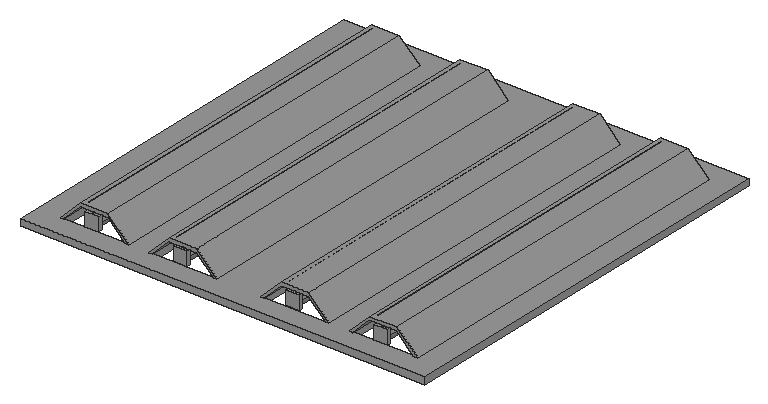
Revit family "ДВО-11 30 Вт 595", category Осветительные приборы, Revit 2019 (continued)
Types (3, lengths in mm): name | Файл фотометрической сетки | built-in parameter 1150142 | built-in parameter 1150134 | built-in parameter 1150107 | Артикул | URL
  ДВО-11-O-30-5K-IP40 | "INNOLUX 14 996 DVO-11-O-30-5K-IP40.ies" | "IESNA:LM-63-1995\r\n[DATA] 27.06.2019\r\n[MANUFAC] INNOLUX\r\n[LUMCAT] 14 996\r\n[LUMINAIRE] DVO-11-O-30-5Ê-IP40\r\n[LAMP] LED 30W 5000K\r\nTILT=NONE\r\n1 3706 3.706 181 9 1 2\r\n0.595 0.595 0.04\r\n1 1 30.0\r\n0 1 2 3 4 5 6 7 8 9 10 11 12 13 14 15 16 17 18 19 20 21 22 23 24 25 26 27 28 29 30 31 32 33 34 35 36 37 38 39 40 41 42 43 44 45 46 47 48 49 50 51 52 53 54 55 56 57 58 59 60 61 62 63 64 65 66 67 68 69 70 71 72 73 74 75 76 77 78 79 80 81 82 83 84 85 86 87 88 89 90 91 92 93 94 95 96 97 98 99 100 101 102 103 104 105 106 107 108 109 110 111 112 113 114 115 116 117 118 119 120 121 122 123 124 125 126 127 128 129 130 131 132 133 134 135 136 137 138 139 140 141 142 143 144 145 146 147 148 149 150 151 152 153 154 155 156 157 158 159 160 161 162 163 164 165 166 167 168 169 170 171 172 173 174 175 176 177 178 179 180 \r\n0 45 90 135 180 225 270 315 360 \r\n510.7 510.7 511 511.2 511.7 512.3 512.8 513.1 513.1 512.7 511.3 508.7 505 499.9 493.3 486 478.7 472.1 466 460.6 455.6 451 446.5 442.2 437.9 433.5 429.1 424.4 419.2 413.7 407.6 401 393.9 386.6 378.9 370.9 362.3 353 343.1 332.3 320.8 308.7 295.7 282.1 267.6 252.5 236.8 220.7 204 187.2 170.2 152.9 135.7 118.3 101.2 84.4 68.2 52.8 38.5 26.1 16.2 9.3 4.9 2.9 2.3 2.1 1.9 1.7 1.6 1.6 1.2 1.1 1.1 1.1 1.1 1.1 1.1 1.1 1.1 0 1.1 1.1 1 1.1 1.1 1.1 1.1 1.1 1.1 1.1 1.1 1.1 1.1 1.2 1.5 1.6 1.6 1.6 1.6 1.6 1.5 1.5 1.6 1.4 1.3 1.5 1.4 1.6 1.6 1.6 1.6 1.6 1.6 1.6 1.6 1.8 1.9 1.9 1.9 1.9 1.9 1.9 1.9 1.9 2.1 2.1 2.1 2.1 2.1 2.1 2.2 2.2 2.4 2.4 2.4 2.4 2.4 2.4 2.4 2.4 2.4 2.5 2.5 2.6 2.6 2.7 2.7 2.7 2.7 2.7 2.7 2.7 2.7 2.8 2.7 2.8 2.9 3.1 3 2.7 2.7 2.7 2.7 2.7 2.7 2.7 1.6 0 0 0 0 0 0 0 0 0 0 0 0 0 0\r\n510.7 510.8 510.5 510.2 508.9 507.9 507 505.7 504.5 503.1 501.3 499.4 497.1 494.3 490.8 486.4 481.7 476.3 470.3 463.6 456.2 448.4 440.8 433.4 426.2 419.4 412.6 405.8 399.3 392.8 386.4 380 373.3 366.7 359.9 353.1 346.1 338.9 331.5 323.8 315.9 307.4 298.7 289.9 280.7 271.2 261.3 251.2 240.6 229.5 218.2 206.6 194.6 182.3 169.8 157.2 144.5 131.8 119 106.4 93.9 81.7 69.7 58.2 47.3 37.3 28.8 21.8 16.7 13.5 11.6 10.4 9.4 8.4 7.4 6.7 5.8 5.1 4.4 3.8 3.3 2.6 2.2 1.9 1.6 1.1 0 0 0 0 0 0 0 0 0 0 0 0 0 0 0 0 1.1 1.1 1.1 1.1 1.1 1.1 1.1 1.1 1.1 1.1 1.2 1.1 1.2 1.6 1.6 1.6 1.6 1.6 1.6 1.6 1.6 1.6 1.6 1.6 1.8 1.9 1.9 1.9 1.9 1.9 1.9 1.9 1.9 1.4 0 0 0 0 0 0 0 0 0 0 0 0 0 0 0 0 0 0 0 0 0 0 0 0 0 0 0 0 0 0 0 0 0 0 0 0 0 0 0 0 0 0 0 0 0\r\n510.7 510.2 509 507.4 505.5 503.5 501.1 498.4 495.5 492.4 489.2 485.6 482 478.1 474.1 469.9 465.6 461.1 456.5 451.5 446.6 441.4 435.9 430.4 424.7 418.7 412.5 406.1 399.4 392.6 385.6 378.5 371.3 363.8 356.4 348.8 341.2 333.3 325.5 317.6 309.6 301.5 293.5 285.2 277 268.7 260.3 251.9 243.2 234.5 225.7 216.9 207.9 198.9 189.9 180.9 172 163 154.3 145.5 136.8 128.1 119.5 110.9 102.3 93.8 85.5 77.4 69.5 62 55 48.4 42.2 36.7 31.9 27.9 24.8 22 19.3 16.8 14.5 12.4 10.4 8.5 6.7 5.1 3.6 2.3 1.4 0 0 0 0 0 0 0 1.1 1.1 1.1 1.1 1.1 1.1 1.1 1.1 1.1 1.3 1.6 1.6 1.6 1.6 1.6 1.6 1.6 1.6 1.6 1.6 1.6 1.8 1.8 1.9 1.9 1.9 1.9 1.9 1.9 1.9 1.9 1.9 1.9 1.9 2 2.1 2.1 2.1 2.1 2.1 2.1 2.1 2.1 2.1 2.3 2.1 2.1 2.3 2.3 2.4 2.4 2.4 2.4 2.4 2.4 2.4 2.3 1.8 0 0 0 0 0 0 0 0 0 0 0 0 0 0 0 0 0 0 0 0 0 0 0 0 0 0 0\r\n510.7 510.8 510.5 510.2 508.9 507.9 507 505.7 504.5 503.1 501.3 499.4 497.1 494.3 490.8 486.4 481.7 476.3 470.3 463.6 456.2 448.4 440.8 433.4 426.2 419.4 412.6 405.8 399.3 392.8 386.4 380 373.3 366.7 359.9 353.1 346.1 338.9 331.5 323.8 315.9 307.4 298.7 289.9 280.7 271.2 261.3 251.2 240.6 229.5 218.2 206.6 194.6 182.3 169.8 157.2 144.5 131.8 119 106.4 93.9 81.7 69.7 58.2 47.3 37.3 28.8 21.8 16.7 13.5 11.6 10.4 9.4 8.4 7.4 6.7 5.8 5.1 4.4 3.8 3.3 2.6 2.2 1.9 1.6 1.1 0 0 0 0 0 0 0 0 0 0 0 0 0 0 0 0 1.1 1.1 1.1 1.1 1.1 1.1 1.1 1.1 1.1 1.1 1.2 1.1 1.2 1.6 1.6 1.6 1.6 1.6 1.6 1.6 1.6 1.6 1.6 1.6 1.8 1.9 1.9 1.9 1.9 1.9 1.9 1.9 1.9 1.4 0 0 0 0 0 0 0 0 0 0 0 0 0 0 0 0 0 0 0 0 0 0 0 0 0 0 0 0 0 0 0 0 0 0 0 0 0 0 0 0 0 0 0 0 0\r\n510.7 510.8 511.1 511.4 511.9 512.4 512.7 512.8 512.8 511.8 509.6 506.1 501.6 496 489.7 482.9 476.2 470 464.6 459.6 454.9 450.5 446.2 441.9 437.7 433.4 429.1 424.4 419.1 413.4 407.2 400.8 394 387 379.6 371.8 363.4 354.3 344.6 334 322.6 310.2 296.9 282.9 268 252.4 236.5 220.2 204 187.5 171.2 155 138.7 122.7 106.5 90.3 74.2 58.6 43.8 30.3 19.2 11.2 6.1 3.2 2.1 1.8 1.6 1.1 0 0 0 0 0 0 0 0 0 0 0 0 0 0 0 0 0 0 0 0 0 0 0 0 0 0 0 0 0 0 0 0 0 0 0 0 0 0 0 0 0 0 0 0 0 0 0 0 0 0 0 0 0 0 0 0 0 0 1.1 0 0 0 0 0 0 0 0 0 0 0 0 0 0 0 0 0 0 0 0 0 0 0 0 0 0 0 0 0 0 0 0 0 0 0 0 0 0 0 0 0 0 0 0 0 0 0 0 0 0 0 0 0 0\r\n510.7 510.8 510.5 510.2 508.9 507.9 507 505.7 504.5 503.1 501.3 499.4 497.1 494.3 490.8 486.4 481.7 476.3 470.3 463.6 456.2 448.4 440.8 433.4 426.2 419.4 412.6 405.8 399.3 392.8 386.4 380 373.3 366.7 359.9 353.1 346.1 338.9 331.5 323.8 315.9 307.4 298.7 289.9 280.7 271.2 261.3 251.2 240.6 229.5 218.2 206.6 194.6 182.3 169.8 157.2 144.5 131.8 119 106.4 93.9 81.7 69.7 58.2 47.3 37.3 28.8 21.8 16.7 13.5 11.6 10.4 9.4 8.4 7.4 6.7 5.8 5.1 4.4 3.8 3.3 2.6 2.2 1.9 1.6 1.1 0 0 0 0 0 0 0 0 0 0 0 0 0 0 0 0 1.1 1.1 1.1 1.1 1.1 1.1 1.1 1.1 1.1 1.1 1.2 1.1 1.2 1.6 1.6 1.6 1.6 1.6 1.6 1.6 1.6 1.6 1.6 1.6 1.8 1.9 1.9 1.9 1.9 1.9 1.9 1.9 1.9 1.4 0 0 0 0 0 0 0 0 0 0 0 0 0 0 0 0 0 0 0 0 0 0 0 0 0 0 0 0 0 0 0 0 0 0 0 0 0 0 0 0 0 0 0 0 0\r\n510.7 509.9 507.9 506.2 504.2 501.9 499.4 496.6 493.6 490.7 487.3 483.8 480.2 476.4 472.3 468.2 463.8 459.4 454.7 449.9 444.9 439.6 434.4 428.9 423.1 417.2 411 404.7 398.2 391.4 384.5 377.6 370.5 363.3 355.9 348.4 340.8 333.1 325.3 317.5 309.5 301.6 293.4 285.2 277 268.7 260.3 251.9 243.1 234.4 225.7 216.9 208 199 190.1 181.1 172.3 163.4 154.7 146 137.3 128.6 120 111.4 102.9 94.5 86.1 78 70.1 62.6 55.5 48.9 42.9 37.2 32.3 28.3 25 22.1 19.4 16.8 14.4 12.2 10.2 8.3 6.6 4.9 3.3 2 0 0 0 0 0 0 0 0 0 0 0 0 0 0 0 0 0 0 0 0 0 0 0 0 0 0 0 1.1 1 1.1 1.1 1.1 1.1 1.1 1.1 1.1 1.1 1.1 1.1 1.1 1.1 1.1 1.1 1.2 1.5 1.6 1.6 1.6 1.6 1.6 0 0 0 0 0 0 0 0 0 0 0 0 0 0 0 0 0 0 0 0 0 0 0 0 0 0 0 0 0 0 0 0 0 0 0 0 0 0 0 0 0 0 0\r\n510.7 510.8 510.5 510.2 508.9 507.9 507 505.7 504.5 503.1 501.3 499.4 497.1 494.3 490.8 486.4 481.7 476.3 470.3 463.6 456.2 448.4 440.8 433.4 426.2 419.4 412.6 405.8 399.3 392.8 386.4 380 373.3 366.7 359.9 353.1 346.1 338.9 331.5 323.8 315.9 307.4 298.7 289.9 280.7 271.2 261.3 251.2 240.6 229.5 218.2 206.6 194.6 182.3 169.8 157.2 144.5 131.8 119 106.4 93.9 81.7 69.7 58.2 47.3 37.3 28.8 21.8 16.7 13.5 11.6 10.4 9.4 8.4 7.4 6.7 5.8 5.1 4.4 3.8 3.3 2.6 2.2 1.9 1.6 1.1 0 0 0 0 0 0 0 0 0 0 0 0 0 0 0 0 1.1 1.1 1.1 1.1 1.1 1.1 1.1 1.1 1.1 1.1 1.2 1.1 1.2 1.6 1.6 1.6 1.6 1.6 1.6 1.6 1.6 1.6 1.6 1.6 1.8 1.9 1.9 1.9 1.9 1.9 1.9 1.9 1.9 1.4 0 0 0 0 0 0 0 0 0 0 0 0 0 0 0 0 0 0 0 0 0 0 0 0 0 0 0 0 0 0 0 0 0 0 0 0 0 0 0 0 0 0 0 0 0\r\n510.7 510.7 511 511.2 511.7 512.3 512.8 513.1 513.1 512.7 511.3 508.7 505 499.9 493.3 486 478.7 472.1 466 460.6 455.6 451 446.5 442.2 437.9 433.5 429.1 424.4 419.2 413.7 407.6 401 393.9 386.6 378.9 370.9 362.3 353 343.1 332.3 320.8 308.7 295.7 282.1 267.6 252.5 236.8 220.7 204 187.2 170.2 152.9 135.7 118.3 101.2 84.4 68.2 52.8 38.5 26.1 16.2 9.3 4.9 2.9 2.3 2.1 1.9 1.7 1.6 1.6 1.2 1.1 1.1 1.1 1.1 1.1 1.1 1.1 1.1 0 1.1 1.1 1 1.1 1.1 1.1 1.1 1.1 1.1 1.1 1.1 1.1 1.1 1.2 1.5 1.6 1.6 1.6 1.6 1.6 1.5 1.5 1.6 1.4 1.3 1.5 1.4 1.6 1.6 1.6 1.6 1.6 1.6 1.6 1.6 1.8 1.9 1.9 1.9 1.9 1.9 1.9 1.9 1.9 2.1 2.1 2.1 2.1 2.1 2.1 2.2 2.2 2.4 2.4 2.4 2.4 2.4 2.4 2.4 2.4 2.4 2.5 2.5 2.6 2.6 2.7 2.7 2.7 2.7 2.7 2.7 2.7 2.7 2.8 2.7 2.8 2.9 3.1 3 2.7 2.7 2.7 2.7 2.7 2.7 2.7 1.6 0 0 0 0 0 0 0 0 0 0 0 0 0 0\r\n" | 2 | 5000 (stored number, unit not read) | "14 996" | "http://innolux.pro/katalog/administrativno-ofisnoe-osveshhenie/dvo-11-30-vt-595/14996.html"
